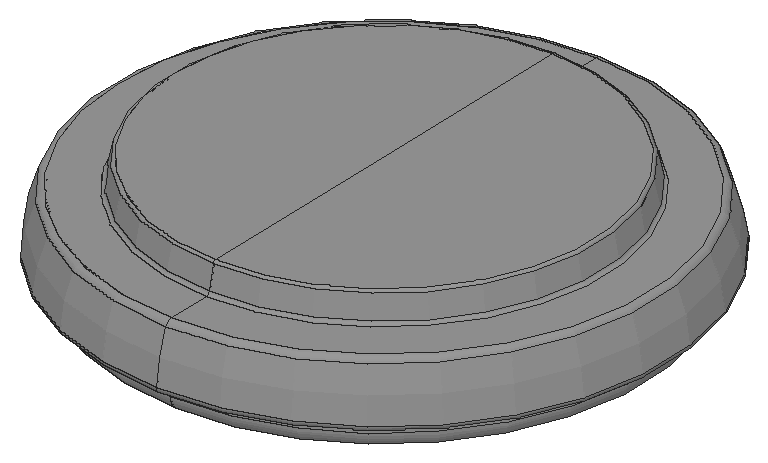
Revit family "FMK11_63_UN_Surface-mounted_ETK", category Lighting Fixtures, Revit 2017 (continued)
Definition of nested family "FMK.1 - Lightsource"
  Types (13, lengths in mm): name | Wattage Comments | Photometric Web File | built-in parameter 1150142 | Apparent Load
    FMK.1209.10N - Ø300x40 / 18W | "18W" | "FMK.1209.10n.ies" | "IESNA:LM-63-2002\r\n[TEST] /2014\r\n[TESTLAB] ies2eulumdat.appspot.com\r\n[ISSUEDATE] 2021-06-16T09:02:18.810\r\n[MANUFAC] www.etk.nl\r\n[LUMCAT] FMK.1209.10\r\n[LUMINAIRE] FMK.1 LED 18W 3000/4000/5700K ø300 niet dimbaar\r\n[LAMPCAT] LED\r\n[LAMP] LED\r\nTILT=NONE\r\n1\t1710\t1\t46\t180\t1\t2\t-0.300\t-0.300\t0\r\n1.0\t1.0\t18.30\r\n0\t 2\t 4\t 6\t 8\t 10\t 12\t 14\t 16\t 18\r\n20\t 22\t 24\t 26\t 28\t 30\t 32\t 34\t 36\t 38\r\n40\t 42\t 44\t 46\t 48\t 50\t 52\t 54\t 56\t 58\r\n60\t 62\t 64\t 66\t 68\t 70\t 72\t 74\t 76\t 78\r\n80\t 82\t 84\t 86\t 88\t 90\r\n0\t 2\t 4\t 6\t 8\t 10\t 12\t 14\t 16\t 18\r\n20\t 22\t 24\t 26\t 28\t 30\t 32\t 34\t 36\t 38\r\n40\t 42\t 44\t 46\t 48\t 50\t 52\t 54\t 56\t 58\r\n60\t 62\t 64\t 66\t 68\t 70\t 72\t 74\t 76\t 78\r\n80\t 82\t 84\t 86\t 88\t 90\t 92\t 94\t 96\t 98\r\n100\t 102\t 104\t 106\t 108\t 110\t 112\t 114\t 116\t 118\r\n120\t 122\t 124\t 126\t 128\t 130\t 132\t 134\t 136\t 138\r\n140\t 142\t 144\t 146\t 148\t 150\t 152\t 154\t 156\t 158\r\n160\t 162\t 164\t 166\t 168\t 170\t 172\t 174\t 176\t 178\r\n180\t 182\t 184\t 186\t 188\t 190\t 192\t 194\t 196\t 198\r\n200\t 202\t 204\t 206\t 208\t 210\t 212\t 214\t 216\t 218\r\n220\t 222\t 224\t 226\t 228\t 230\t 232\t 234\t 236\t 238\r\n240\t 242\t 244\t 246\t 248\t 250\t 252\t 254\t 256\t 258\r\n260\t 262\t 264\t 266\t 268\t 270\t 272\t 274\t 276\t 278\r\n280\t 282\t 284\t 286\t 288\t 290\t 292\t 294\t 296\t 298\r\n300\t 302\t 304\t 306\t 308\t 310\t 312\t 314\t 316\t 318\r\n320\t 322\t 324\t 326\t 328\t 330\t 332\t 334\t 336\t 338\r\n340\t 342\t 344\t 346\t 348\t 350\t 352\t 354\t 356\t 358\r\n\r\n604.9325\t603.2919\t601.6514\t598.9367\t595.1481\t591.3474\t584.4074\t577.4673\t570.5271\t563.5989\r\n556.6589\t546.0716\t535.4844\t524.9091\t514.322\t503.7347\t489.8782\t476.0098\t462.1414\t448.2731\r\n434.4164\t417.5148\t400.6012\t383.6995\t366.7979\t349.8961\t330.7164\t311.5251\t292.3454\t273.1539\r\n253.9742\t234.7827\t215.6031\t196.4116\t177.2319\t158.0404\t0\t0\t0\t0\r\n0\t0\t0\t0\t0\t0\r\n604.9325\t603.303\t601.6736\t598.9672\t595.1776\t591.371\t584.4474\t577.518\t570.5942\t563.6772\r\n556.7804\t546.2089\t535.6382\t525.0562\t514.4711\t503.9096\t490.0793\t476.249\t462.4177\t448.5869\r\n434.7567\t417.8553\t400.9346\t384.014\t367.0954\t350.1887\t331.0138\t311.8383\t292.6629\t273.4839\r\n254.309\t235.1337\t215.9576\t196.7709\t177.5953\t158.8079\t0.4083\t0\t0\t0\r\n0\t0\t0\t0\t0\t0\r\n604.9325\t603.316\t601.6989\t599.0015\t595.1958\t591.3698\t584.4843\t577.5711\t570.6711\t563.7586\r\n556.8947\t546.3551\t535.7596\t525.1644\t514.5799\t504.0319\t490.2428\t476.4007\t462.5425\t448.6943\r\n434.9048\t418.0625\t401.1696\t384.2789\t367.3894\t350.5392\t331.4019\t312.225\t293.0468\t273.8823\r\n254.7052\t235.5402\t216.3663\t197.1991\t178.024\t160.3893\t1.6616\t0\t0\t0\r\n0\t0\t0\t0\t0\t0\r\n604.9325\t603.3306\t601.7275\t599.0433\t595.2312\t591.4156\t584.5657\t577.6625\t570.7544\t563.8431\r\n557.0019\t546.5201\t535.9272\t525.353\t514.7657\t504.264\t490.5226\t476.6557\t462.7667\t448.8924\r\n435.124\t418.3554\t401.4707\t384.5722\t367.6697\t350.8303\t331.7467\t312.5747\t293.4071\t274.2312\r\n255.0699\t235.9111\t216.7553\t197.6045\t178.4467\t162.6446\t3.8393\t0\t0\t0\r\n0\t0\t0\t0\t0\t0\r\n604.9325\t603.3467\t601.7784\t599.0852\t595.2744\t591.4839\t584.6789\t577.7818\t570.8609\t563.9373\r\n557.1543\t546.7354\t536.1372\t525.529\t514.8988\t504.4471\t490.789\t476.9063\t463.0292\t449.1418\r\n435.4474\t418.7539\t401.8361\t384.8952\t367.9622\t351.1523\t332.1531\t312.9933\t293.8363\t274.6741\r\n255.5041\t236.3482\t217.1967\t198.0491\t178.904\t165.4825\t7.0717\t0\t0\t0\r\n0\t0\t0\t0\t0\t0\r\n604.9325\t603.3646\t601.8109\t599.1301\t595.3254\t591.5822\t584.8149\t577.9154\t571.003\t564.0375\r\n557.2822\t546.9546\t536.3271\t525.6894\t515.0537\t504.6554\t491.1358\t477.2379\t463.3307\t449.4155\r\n435.7478\t419.1745\t402.2081\t385.2544\t368.2909\t351.5211\t332.6242\t313.4509\t294.2734\t275.1156\r\n255.9625\t236.8063\t217.6543\t198.5095\t179.3715\t168.6886\t11.5411\t0\t0\t0\r\n0\t0\t0\t0\t0\t0\r\n604.9325\t603.3841\t601.8434\t599.178\t595.3834\t591.6781\t584.976\t578.0752\t571.1133\t564.0963\r\n557.383\t547.1909\t536.5313\t525.8766\t515.2136\t504.8691\t491.4968\t477.5392\t463.5748\t449.6118\r\n435.9498\t419.5755\t402.6015\t385.6298\t368.6616\t351.9183\t333.1605\t313.9425\t294.7654\t275.5923\r\n256.4278\t237.2774\t218.1312\t198.9956\t179.8672\t172.0139\t17.4822\t0\t0\t0\r\n0\t0\t0\t0\t0\t0\r\n604.9325\t603.4053\t601.8759\t599.2285\t595.4497\t591.7812\t585.1731\t578.2085\t571.1927\t564.1664\r\n557.4629\t547.4497\t536.7769\t526.0887\t515.3685\t505.002\t491.8629\t477.8739\t463.8657\t449.8384\r\n436.2083\t420.1244\t403.1335\t386.0845\t369.0368\t352.2643\t333.7051\t314.4923\t295.2823\t276.0978\r\n256.9176\t237.7601\t218.6225\t199.4936\t180.379\t175.1597\t25.1927\t0\t0\t0\r\n0\t0\t0\t0\t0\t0\r\n604.9325\t603.4593\t601.9085\t599.2738\t595.5244\t591.9079\t585.3373\t578.316\t571.3136\t564.2514\r\n557.5412\t547.753\t537.0529\t526.317\t515.5469\t505.1567\t492.6884\t478.2212\t464.1752\t450.1642\r\n436.1336\t421.0943\t403.6156\t386.5209\t369.432\t352.3337\t334.5504\t315.0513\t295.836\t276.637\r\n257.4544\t238.29\t219.1493\t200.0199\t180.9108\t177.7292\t35.0259\t0\t0\t0\r\n0\t0\t0\t0\t0\t0\r\n604.9325\t603.4826\t601.941\t599.3319\t595.6075\t591.9952\t585.4602\t578.4838\t571.4702\t564.333\r\n557.6055\t548.1073\t537.3696\t526.5928\t515.7384\t504.8144\t493.0694\t478.6336\t464.5307\t450.3943\r\n436.2933\t421.64\t404.1436\t386.9492\t369.8193\t352.7072\t335.1677\t315.6771\t296.4365\t277.212\r\n258.007\t238.8258\t219.6743\t200.5397\t181.4425\t179.2574\t47.3991\t0\t0\t0\r\n0\t0\t0\t0\t0\t0\r\n604.9325\t603.5064\t601.9734\t599.3945\t595.7161\t592.0648\t585.6584\t578.7119\t571.6053\t564.412\r\n557.2136\t548.9435\t537.7363\t526.8513\t515.8959\t504.8997\t493.4258\t478.9823\t464.8596\t450.6873\r\n436.4267\t422.0138\t404.7199\t387.5204\t370.3217\t353.0976\t335.7436\t316.324\t297.0385\t277.7912\r\n258.567\t239.3682\t220.2087\t201.0815\t181.9832\t162.9148\t98.4026\t0\t0\t0\r\n0\t0\t0\t0\t0\t0\r\n604.9325\t603.5306\t602.0055\t599.4612\t595.8018\t592.0844\t585.9012\t578.9142\t571.7274\t564.5615\r\n557.281\t549.3317\t538.103\t527.1296\t516.0869\t504.9399\t493.7098\t479.4734\t465.2005\t450.9492\r\n436.7405\t422.5771\t405.4099\t388.0744\t370.7796\t353.4924\t336.2684\t316.9931\t297.6847\t278.4178\r\n259.1782\t239.9648\t220.7735\t201.6345\t182.5343\t163.481\t113.7595\t0\t0\t0\r\n0\t0\t0\t0\t0\t0\r\n604.9325\t603.5554\t602.0217\t599.532\t595.8866\t592.1561\t586.588\t579.0795\t571.9261\t564.708\r\n557.356\t549.6474\t538.4927\t527.425\t516.249\t505.0832\t494.0234\t479.9866\t465.7575\t451.3805\r\n437.0064\t422.8844\t406.0364\t388.6721\t371.3233\t353.9575\t336.8059\t317.7551\t298.3731\t279.0511\r\n259.7888\t240.5534\t221.3703\t202.2241\t183.1196\t164.0583\t128.3143\t0\t0\t0\r\n0\t0\t0\t0\t0\t0\r\n604.9325\t603.5809\t602.0558\t599.618\t595.9723\t592.2358\t586.8402\t579.3172\t572.1843\t564.8477\r\n557.415\t549.9086\t538.9015\t527.7199\t516.5471\t505.2607\t494.2777\t480.6872\t466.1976\t451.7399\r\n437.252\t422.7612\t407.2466\t389.4272\t371.966\t354.4582\t337.2243\t318.5243\t299.1108\t279.742\r\n260.4244\t241.1781\t221.9657\t202.8103\t183.7099\t164.6491\t141.3505\t0\t0\t0\r\n0\t0\t0\t0\t0\t0\r\n604.9325\t603.6071\t602.0912\t599.6912\t596.0451\t591.9798\t587.0148\t579.6483\t572.4109\t565.0026\r\n557.4889\t550.099\t539.3311\t528.166\t516.8776\t505.53\t494.0643\t481.5955\t466.7489\t452.2129\r\n437.6254\t423.0444\t408.0517\t390.1803\t372.5893\t355.0126\t337.4403\t319.5246\t299.8803\t280.4737\r\n261.1232\t241.8179\t222.5739\t203.4066\t184.3006\t165.2486\t152.0665\t0\t0\t0\r\n0\t0\t0\t0\t0\t0\r\n604.9325\t603.6338\t602.1279\t599.7642\t596.2915\t592.06\t587.2479\t579.9651\t572.6275\t565.1743\r\n557.5912\t550.1482\t539.9086\t528.6542\t517.2707\t505.7657\t494.0884\t482.1911\t467.4123\t452.7044\r\n438.0073\t423.2908\t408.632\t391.0308\t373.3713\t355.5458\t337.8389\t320.2515\t300.7003\t281.2121\r\n261.8325\t242.4922\t223.2123\t204.0069\t184.8961\t165.8551\t159.6039\t13.1538\t0\t0\r\n0\t0\t0\t0\t0\t0\r\n604.9325\t603.6611\t602.1659\t599.8376\t596.4054\t592.1391\t587.4977\t580.2805\t572.8868\t565.3787\r\n557.6678\t549.7361\t540.9527\t529.1771\t517.6731\t506.0008\t494.2758\t482.6381\t468.0299\t453.2316\r\n438.4194\t423.5879\t409.1603\t391.9077\t373.8445\t355.9972\t338.2732\t320.7969\t301.5855\t282.0214\r\n262.5566\t243.1786\t223.8823\t204.6641\t185.522\t166.4516\t162.8905\t31.8043\t0\t0\r\n0\t0\t0\t0\t0\t0\r\n604.9325\t603.6892\t602.2049\t599.908\t596.5241\t592.1992\t587.8004\t580.5758\t573.1764\t565.6227\r\n557.7326\t549.8042\t541.4288\t529.7323\t518.1144\t506.3438\t494.4987\t482.7908\t468.7329\t453.8508\r\n438.9175\t423.9507\t408.6493\t392.7359\t374.5174\t356.6496\t338.8317\t321.0335\t302.7194\t282.8805\r\n263.3626\t243.9028\t224.5481\t205.3141\t186.1662\t167.0952\t148.1118\t88.6377\t0\t0\r\n0\t0\t0\t0\t0\t0\r\n604.9325\t603.7179\t602.2449\t599.981\t596.652\t592.2995\t588.0109\t580.9296\t573.5102\t565.8506\r\n557.9219\t549.8881\t541.7121\t530.3743\t518.611\t506.7558\t494.6717\t482.47\t469.828\t454.5537\r\n439.4245\t424.0109\t408.6349\t393.3735\t375.3775\t357.3866\t339.435\t321.5173\t303.5607\t283.7689\r\n264.1651\t244.6733\t225.2874\t205.9828\t186.7886\t167.711\t148.7442\t112.1139\t0\t0\r\n0\t0\t0\t0\t0\t0\r\n604.9325\t603.7473\t602.2856\t600.0568\t596.7719\t592.4179\t588.1719\t581.3183\t573.9078\t566.0743\r\n558.1389\t549.9635\t541.9262\t531.0335\t519.2162\t507.1698\t494.9265\t482.6333\t470.329\t455.2483\r\n439.8147\t424.3822\t408.9232\t393.7403\t376.3501\t358.2294\t340.1252\t322.0395\t304.2025\t284.7408\r\n265.0668\t245.4539\t225.9736\t206.6463\t187.4435\t168.3603\t149.3849\t130.4101\t0\t0\r\n0\t0\t0\t0\t0\t0\r\n604.9325\t603.7776\t602.3343\t600.133\t596.8924\t592.5514\t588.2573\t582.1028\t574.2915\t566.3966\r\n558.3966\t550.0391\t541.4961\t532.1224\t519.854\t507.633\t495.3114\t482.8481\t470.4815\t456.3368\r\n440.5157\t424.9232\t409.2495\t393.6295\t377.6559\t359.1366\t340.8577\t322.656\t304.5206\t285.931\r\n265.9183\t246.2694\t226.7385\t207.3469\t188.0877\t168.9899\t150.0335\t142.1012\t0.9237\t0\r\n0\t0\t0\t0\t0\t0\r\n604.9325\t603.8087\t602.2411\t600.2093\t597.0138\t592.7089\t587.9814\t582.506\t574.6544\t566.7889\r\n558.6686\t550.1973\t541.4544\t532.5851\t520.5561\t508.2392\t495.7924\t483.0495\t470.1335\t457.1163\r\n441.3228\t425.5219\t409.7509\t393.9106\t378.232\t360.1469\t341.7391\t323.3504\t304.9773\t286.7673\r\n266.8982\t247.1147\t227.4881\t208.0586\t188.7792\t169.6606\t150.6879\t131.866\t21.4679\t0\r\n0\t0\t0\t0\t0\t0\r\n604.9325\t603.8407\t602.2844\t600.2854\t597.1426\t592.8591\t588.0729\t582.907\t575.0998\t567.2089\r\n558.9621\t550.3823\t541.4848\t532.7997\t521.7716\t508.9483\t496.2748\t483.3245\t470.3834\t457.4768\r\n442.2022\t426.336\t410.3521\t394.239\t378.1528\t361.5855\t342.6871\t324.0744\t305.6064\t287.3619\r\n267.8645\t248.0216\t228.3498\t208.8257\t189.4682\t170.3025\t151.3323\t132.5387\t80.029\t0\r\n0\t0\t0\t0\t0\t0\r\n604.9325\t603.8733\t602.3299\t600.3607\t597.2661\t593.1545\t588.1843\t583.2018\t575.6055\t567.6783\r\n559.3106\t550.6007\t541.5686\t532.3163\t522.4808\t509.7479\t496.8485\t483.8597\t470.6669\t457.2136\r\n443.4699\t427.2526\t410.9944\t394.713\t378.4457\t362.2796\t343.7493\t325.0072\t306.2591\t287.6577\r\n269.0839\t249.009\t229.1809\t209.5733\t190.2093\t170.9954\t151.9889\t133.1871\t107.1195\t0\r\n0\t0\t0\t0\t0\t0\r\n604.9325\t603.907\t602.3776\t600.435\t597.3875\t593.3208\t588.3223\t583.4193\t576.5313\t568.1743\r\n559.709\t550.8685\t541.7588\t532.2517\t522.878\t510.5737\t497.5582\t484.484\t471.0737\t457.3263\r\n443.9663\t428.2466\t411.8005\t395.3788\t378.7305\t362.2173\t345.2416\t325.9593\t307.1037\t288.3016\r\n269.7515\t250.003\t230.1332\t210.3898\t190.9169\t171.6613\t152.6389\t133.8373\t123.7799\t0\r\n0\t0\t0\t0\t0\t0\r\n604.9325\t603.9123\t602.428\t600.501\t597.5056\t593.4861\t588.4837\t583.5425\t577.0344\t568.7101\r\n560.1512\t551.1686\t541.9813\t532.3519\t522.4772\t511.7762\t498.5257\t485.22\t471.4735\t457.7046\r\n443.7031\t429.415\t412.8677\t396.0261\t379.2618\t362.4764\t345.8916\t327.1753\t308.035\t288.9915\r\n270.1463\t251.2322\t231.0663\t211.2373\t191.6472\t172.3408\t153.2921\t134.4874\t115.9236\t9.2138\r\n0\t0\t0\t0\t0\t0\r\n604.9325\t603.9481\t602.4812\t600.5742\t597.6202\t593.653\t588.668\t583.3077\t577.4581\t569.2983\r\n560.6533\t551.5767\t542.2042\t532.5113\t522.3616\t512.2177\t499.5876\t486.0776\t472.1462\t458.1519\r\n443.8695\t429.876\t414.2071\t396.917\t379.9187\t362.8675\t345.8321\t328.6051\t309.1102\t289.916\r\n270.7523\t251.9617\t232.0644\t212.1103\t192.4343\t173.0323\t153.9173\t135.1018\t116.562\t65.7955\r\n0\t0\t0\t0\t0\t0\r\n604.9325\t603.9852\t602.5371\t600.6467\t597.73\t593.8172\t588.8736\t583.4583\t577.7772\t570.2819\r\n561.2111\t552.1325\t542.5577\t532.7343\t522.3727\t511.8663\t500.9199\t486.9213\t472.9747\t458.7217\r\n444.2496\t429.5691\t414.7964\t398.0122\t380.7816\t363.4509\t346.0825\t328.8111\t310.4213\t290.8883\r\n271.5384\t252.3269\t233.2419\t213.0364\t193.2161\t173.736\t154.5864\t135.7567\t117.2044\t96.1475\r\n0\t0\t0\t0\t0\t0\r\n604.9325\t604.0236\t602.596\t600.7186\t597.8194\t593.9774\t589.2292\t583.6201\t577.9865\t570.7992\r\n561.8256\t552.71\t543.0652\t533.0169\t522.502\t511.8678\t501.241\t488.4687\t473.9436\t459.4936\r\n444.832\t429.7247\t414.7044\t399.4139\t381.8032\t364.1979\t346.6042\t329.0336\t311.6354\t292.1036\r\n272.4601\t253.0354\t233.7628\t214.0337\t194.1035\t174.5269\t155.255\t136.3516\t117.8305\t109.9048\r\n0\t0\t0\t0\t0\t0\r\n604.9325\t604.0637\t602.658\t600.789\t597.9215\t594.1325\t589.4529\t583.8272\t577.7627\t571.1951\r\n562.8118\t553.2917\t543.6239\t533.3822\t522.7915\t511.9619\t500.5541\t489.0998\t475.0948\t460.4654\r\n445.4767\t430.3017\t414.8994\t399.3696\t383.2919\t365.1943\t347.3191\t329.4129\t311.6006\t293.6303\r\n273.6308\t253.85\t234.3543\t215.1938\t195.0532\t175.2777\t155.9455\t136.9913\t118.4168\t100.2246\r\n10.9351\t0\t0\t0\t0\t0\r\n604.9325\t604.1049\t602.7234\t600.8579\t598.021\t594.2782\t589.6773\t584.0732\t577.9255\t571.4711\r\n563.458\t554.0039\t544.2463\t533.8777\t523.2306\t512.1995\t500.5102\t488.6583\t476.4436\t461.6248\r\n446.3237\t431.0595\t415.3954\t399.5376\t383.6965\t366.7259\t348.2364\t330.1152\t311.8732\t293.8363\r\n275.1387\t254.8952\t235.1611\t215.6652\t196.0554\t176.1444\t156.6456\t137.594\t119.0254\t100.8532\r\n68.8785\t0\t0\t0\t0\t0\r\n604.9325\t604.3797\t602.795\t600.7955\t598.1176\t594.4184\t589.9421\t584.4807\t578.1293\t571.2717\r\n564.0225\t555.1365\t544.9684\t534.4889\t523.7521\t512.5133\t500.6805\t488.5879\t476.1182\t463.0735\r\n447.6366\t431.9684\t416.1152\t399.9456\t383.6989\t367.3767\t349.5599\t330.9731\t312.5046\t294.0321\r\n275.9095\t256.218\t236.1048\t216.3684\t197.0093\t177.0397\t157.4158\t138.2701\t119.6169\t101.4035\r\n91.2126\t0\t0\t0\t0\t0\r\n604.9325\t604.4205\t602.8672\t600.8728\t598.211\t594.5549\t590.1569\t584.7672\t578.3807\t571.4627\r\n564.3113\t555.8405\t545.7988\t535.2615\t524.3877\t512.92\t501.0143\t488.7096\t476.0305\t462.7583\r\n449.2912\t433.217\t417.0958\t400.713\t384.1708\t367.2088\t350.6545\t332.2272\t313.392\t294.5441\r\n275.8683\t257.4578\t237.4149\t217.2362\t197.4869\t178.1427\t158.2694\t138.9226\t120.2106\t101.9885\r\n84.2445\t0\t0\t0\t0\t0\r\n604.9325\t604.4609\t602.9426\t600.9571\t598.301\t594.685\t590.3595\t585.0141\t578.795\t571.7158\r\n564.1432\t556.2603\t546.8908\t536.205\t525.1774\t513.5407\t501.5676\t489.0287\t476.1442\t462.6532\r\n448.9921\t434.8922\t418.416\t401.8982\t384.7929\t367.6136\t350.3325\t333.3151\t314.6323\t295.4577\r\n276.336\t257.5068\t238.7779\t218.4036\t198.3424\t178.728\t159.174\t139.7342\t120.8004\t102.4847\r\n84.7775\t45.5539\t0\t0\t0\t0\r\n604.9325\t604.5006\t603.0216\t601.0606\t598.3865\t594.8079\t590.54\t585.2417\t579.0807\t572.1467\r\n564.4011\t556.1409\t547.4037\t537.4374\t526.1369\t514.3405\t502.2658\t489.5783\t476.4823\t462.9105\r\n448.8591\t434.6232\t420.0685\t403.4046\t385.7751\t368.4205\t350.8718\t333.1656\t315.607\t296.8929\r\n277.2305\t257.8752\t238.7581\t219.918\t199.4756\t179.4703\t160.1376\t140.5119\t121.4449\t103.0157\r\n85.2703\t74.215\t0\t0\t0\t0\r\n604.9325\t604.5394\t603.1042\t601.1584\t598.3492\t594.9234\t590.7019\t585.451\t579.3531\t572.4943\r\n564.7651\t556.3877\t547.3688\t538.0224\t527.3866\t515.3535\t503.115\t490.3931\t476.9994\t463.303\r\n449.0547\t434.4994\t419.6921\t404.5604\t387.5106\t369.5539\t351.7313\t333.6797\t315.5431\t297.2741\r\n278.797\t258.7661\t239.2377\t219.9717\t200.9556\t180.5254\t160.6648\t141.5044\t122.1648\t103.5896\r\n85.7592\t68.6221\t0\t0\t0\t0\r\n604.9325\t604.5773\t603.1902\t601.2632\t598.4516\t595.0092\t590.8464\t585.643\t579.6101\t572.8202\r\n565.325\t556.7647\t547.6995\t538.0024\t527.9437\t516.6478\t504.4938\t491.4266\t477.8344\t463.9221\r\n449.6332\t434.78\t419.7115\t403.8594\t387.7921\t371.4508\t353.0947\t334.6903\t316.1395\t297.631\r\n278.8793\t260.2808\t240.1353\t220.3427\t201.0312\t181.9801\t161.6499\t142.0644\t123.0333\t104.2161\r\n86.2409\t69.0879\t15.2173\t0\t0\t0\r\n604.9325\t604.6141\t603.2798\t601.3757\t598.5679\t594.9853\t590.9493\t585.8192\t579.8489\t573.1198\r\n565.7109\t557.3403\t548.3007\t538.393\t527.9435\t517.2634\t505.3927\t492.933\t478.9816\t464.8927\r\n450.474\t435.4187\t420.1142\t403.9636\t387.6809\t371.1777\t354.5307\t336.6039\t317.3934\t298.4472\r\n279.3102\t260.28\t241.3379\t221.3309\t201.4226\t182.0109\t163.0786\t142.9823\t123.7395\t104.974\r\n86.81\t69.5539\t58.969\t0\t0\t0\r\n604.9325\t604.6498\t603.6043\t601.4957\t598.6984\t595.1135\t590.9331\t585.9739\t580.0893\t573.3916\r\n566.0512\t557.7504\t548.7954\t539.0648\t528.4009\t517.3472\t505.5605\t493.6743\t480.4541\t466.4352\r\n451.5987\t436.4298\t420.8587\t404.6187\t388.0855\t371.2381\t354.0167\t336.6193\t319.1551\t299.9255\r\n280.4523\t260.8892\t241.3921\t222.136\t202.5984\t182.4131\t163.0718\t144.3638\t124.5764\t105.7842\r\n87.4272\t70.0349\t53.7077\t0\t0\t0\r\n604.9325\t604.6844\t603.6946\t601.6237\t598.8432\t595.2649\t591.0743\t585.9936\t580.2878\t573.6051\r\n566.3212\t558.1173\t549.2219\t539.5715\t529.1248\t518.0448\t506.0844\t493.7649\t480.7344\t467.3507\r\n453.0676\t438.029\t422.0569\t405.7673\t388.9954\t371.8917\t354.386\t336.673\t318.7419\t300.4149\r\n282.1798\t262.3184\t242.4052\t222.5131\t202.8279\t183.5184\t163.5632\t144.26
